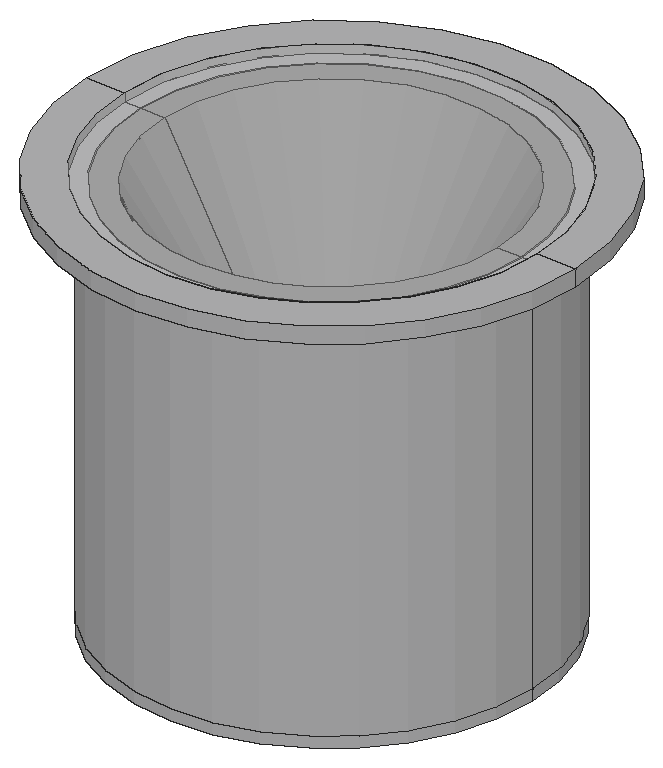
Revit family "2050663 Lighting Fixture_Sylvania_Myriad V LED_Ceiling Recessed", category Lighting Fixtures, host Face, Revit 2015
Parameters (values of type "MYRIAD SS HOUS 4000K ELEC")
  Weight = 0.37 kg  # constant formula
  Wattage = 20.5243 W
  built-in parameter 1150110 = 1 (stored number, unit not read)
  Voltage Comments = "UNV (Universal Voltage; 220-240 Volt)"  # constant formula
  Voltage = 240 V  # constant formula
  URL = ""
  built-in parameter 1114217 = 1 (stored number, unit not read)
  Tilt Angle = -90.00°  # constant formula
  built-in parameter 1150109 = 1 (stored number, unit not read)
  built-in parameter 1150134 = 12
  built-in parameter 1150113 = 1 (stored number, unit not read)
  Reflector Material = Steel_Sylvania_Myrad V LED_Chrome
  Recessed Depth = Height  # 72.0 mm
  Photometric Web File = "2050663_MYRIADVLED16W4KElectronic-89537.ies"
  Product Page URL = ""
  Product Family = "MYRIAD V LED - HOUSING ONLY"  # constant formula
  Photometry Comments = ""
  built-in parameter 1150105 = 1691.5 (stored number, unit not read)
  Lumens = 1057 lm
  built-in parameter 1150115 = 1 (stored number, unit not read)
  built-in parameter 1150137 = (empty or 0)
  built-in parameter 1150139 = (empty or 0)
  Life = "50 000"  # constant formula
  built-in parameter 1150112 = 1 (stored number, unit not read)
  built-in parameter 1150114 = 1 (stored number, unit not read)
  Lamp Comments = "15W Citizen Citiled neutral 4000K"
  LOR = "100%"  # constant formula
  Inner Radius = Cutout Radius - 2.0 mm  # 35.5 mm
  built-in parameter 1150132 = 2
  built-in parameter 1150102 = (empty or 0)
  built-in parameter 1150107 = 4000 (stored number, unit not read)
  built-in parameter 1150138 = (empty or 0)
  built-in parameter 1150106 = 16.915 (stored number, unit not read)
  Emit from Circle Diameter = Diffuser Diameter  # 77.0 mm
  Emit Shape Visible in Rendering = no
  built-in parameter 1150104 = 4.7845 (stored number, unit not read)
  Dimming Lamp Color Temperature Shift = <None>
  Diffuser Diameter = Cutout Diameter + 2.0 mm  # 77.0 mm
  Cutout Radius = Cutout Diameter / 2  # 37.5 mm
  Cutout Diameter = 75.0 mm
  Color Filter = 16777215
  Body Material = Aluminum_Sylvania_Myrad V LED_Silver
  Beam Angle = 30.00°  # constant formula
  built-in parameter 1114218 = 1 (stored number, unit not read)
  built-in parameter 1150133 = 10 (stored number, unit not read)
  IP Rating = "IP20/44(with accessories)"  # constant formula
  Height = 72.0 mm
  Electrical Protection = "CLASS II"  # constant formula
  built-in parameter 1114216 [instance] = 1 (stored number, unit not read)
  Model = "2050663 MYRIAD SS HOUS 4000K ELEC"
  Manufacturer = "Feilo-Sylvania Group"
  Lamp = "Integrated LED"
  Diffuser Material = Polycarbonate_Sylvania_Myrad V LED_Clear
  Description = "New high output high efficiency LED downlight modules. IR/UV free light source without heat radiation. Energy efficient light source with far superior luminous flux per watt than existing Low Voltage Halogen. Long life up to 50K hours, fit and forget maintenance free lighting solution. Dimmable options including DALI as standard. IP44 & IP65 versions as standard options. New range of Architectural accessories each providing a different lit dimension. Choice of colour temperatures warm 3000K and neutral 4000K. Luminaires supplied complete with LED drivers. Emergency versions passes through cut out. New completely flush plaster up accessory ring for clean ceiling lines and smooth finish. Total circuit power I5W"  # constant formula
  Default Elevation = 0.0 mm
  built-in parameter 1140040 [instance] = 1
  Assembly Code = "D5020200"
  Apparent Load Comments = ""
  Apparent Load = 15 VA
Reference planes
  plane 1 "Center (Front/Back)": y = 0
  plane 2: z = 0
  plane 3 "Center (Left/Right)": x = 0
  plane 4 "Fixture Bottom": z = 3
  plane 5 "Diffuser": z = 1.454
  plane 6 "Fixture Top": z = -72
  plane 7 "Housing Thickness": z = -70
  plane 8 "Reflector Top": z = -33.546
Forms (mm)
  Extrusion 1, void
    sketch origin (0, 0, 58) x (-1, 0, 0) y (0, -1, 0)
      loop
        circle (0, 0) r 37.5
    from -130 to -55
  Revolve 2, solid, material "Aluminum_Sylvania_Myrad V LED_Silver" <- "Body Material", detail levels fine
    sketch origin (0, 0, 0) x (1, 0, 0) y (0, 0, 1)
      loop
        line (-45.521, 3) -> (-45.521, 0) -> (-37.5, 0) -> (-37.5, -70) -> (-35.537, -70) -> (-35.537, 1.454) -> (-38.5, 1.454) -> (-38.5, 3) -> (-45.521, 3)
      axis (0, 3) -> (0, -70)
    angle from 0 to 360
  Extrusion 3, solid, material "Aluminum_Sylvania_Myrad V LED_Silver" <- "Body Material", detail levels fine
    sketch origin (0, 0, 58) x (-1, 0, 0) y (0, -1, 0)
      loop
        circle (0, 0) r 37.5
    from -130 to -128
  Revolve 4, solid, material "Steel_Sylvania_Myrad V LED_Chrome" <- "Reflector Material", detail levels fine
    sketch origin (0, 0, 0) x (1, 0, 0) y (0, 0, 1)
      loop
        line (-35.5, -33.546) -> (0, -33.546) -> (0, -31.083) -> (-12.169, -31.083) -> (-31, 1.454) -> (-35.5, 1.454) -> (-35.5, -33.546)
      axis (0, 1.454) -> (0, -33.546)
    angle from 0 to 360
  Extrusion 5, solid, material "Polycarbonate_Sylvania_Myrad V LED_Clear" <- "Diffuser Material", detail levels fine
    sketch origin (0, 0, 58) x (-1, 0, 0) y (0, -1, 0)
      loop
        circle (0, 0) r 38.5
    from -56.546 to -55
  Revolve 6, solid, material "Aluminum_Sylvania_Myrad V LED_Silver" <- "Body Material", detail levels coarse+medium
    sketch origin (0, 0, 0) x (1, 0, 0) y (0, 0, 1)
      loop
        line (-45.521, 3) -> (-45.521, 0) -> (-37.5, 0) -> (-37.5, -72) -> (0, -72) -> (0, 3) -> (-45.521, 3)
      axis (0, 3) -> (0, -72)
    angle from 0 to 360
Cuts and joins
  joined: Revolve 2, Extrusion 3
Dimensions and locks
  locked: plane 4 "Fixture Bottom" to plane 2 at 3
  locked: plane 5 "Diffuser" to plane 2 at 1.454
  "Height": plane 2 to plane 6 "Fixture Top"
  plane 7 "Housing Thickness" to plane 6 "Fixture Top" = 2.0 mm
  "Cutout Radius": plane 3 "Center (Left/Right)" to Revolve 2 sketch curve
  locked: Revolve 2 sketch curve to Revolve 2 sketch curve at 1.963
  locked: Revolve 2 sketch curve to Revolve 2 sketch curve at 8.021
  locked: Revolve 4 sketch curve to Revolve 4 sketch curve at 2.463
  locked: Revolve 2 sketch curve to Revolve 2 sketch curve at 1
  "Inner Radius": plane 3 "Center (Left/Right)" to Revolve 4 sketch curve
  locked: Revolve 4 sketch curve to Revolve 4 sketch curve at 4.5
  locked: Revolve 4 sketch curve to Revolve 4 sketch curve at 23.331
  locked: plane 5 "Diffuser" to plane 8 "Reflector Top" at 35
  locked: Revolve 6 sketch curve to Revolve 6 sketch curve at 8.021
  "Cutout Radius": Revolve 6 sketch curve to imposter light
  "Cutout Diameter": diameter of Extrusion 1 sketch curve
  "Cutout Diameter": diameter of Extrusion 3 sketch curve
  "Diffuser Diameter": diameter of Extrusion 5 sketch curve
  aligned and locked: host face to plane 2
  aligned and locked: level to host face
  aligned and locked: Revolve 2 sketch curve to plane 4 "Fixture Bottom"
  aligned and locked: Revolve 2 sketch curve to plane 5 "Diffuser"
  aligned and locked: Revolve 2 sketch curve to plane 2
  aligned and locked: Revolve 2 sketch curve to plane 3 "Center (Left/Right)"
  aligned and locked: plane 7 "Housing Thickness" to Extrusion 3
  aligned and locked: Extrusion 3 to plane 6 "Fixture Top"
  aligned and locked: Revolve 2 sketch curve to plane 7 "Housing Thickness"
  aligned and locked: Revolve 4 sketch curve to plane 5 "Diffuser"
  aligned and locked: Revolve 4 sketch curve to plane 3 "Center (Left/Right)"  (x2)
  aligned and locked: Extrusion 5 to plane 5 "Diffuser"
  aligned and locked: plane 4 "Fixture Bottom" to Extrusion 5
  aligned and locked: Revolve 4 sketch curve to plane 8 "Reflector Top"
  aligned and locked: imposter light to plane 3 "Center (Left/Right)"
  aligned and locked: imposter light to plane 4 "Fixture Bottom"
  aligned and locked: imposter light to plane 1 "Center (Front/Back)"
  aligned and locked: Revolve 6 sketch curve to plane 6 "Fixture Top"
  aligned and locked: Revolve 6 sketch curve to imposter light  (x2)
  aligned and locked: Revolve 6 sketch curve to plane 2
  aligned and locked: imposter light to Extrusion 1
  aligned and locked: Extrusion 1 to plane 6 "Fixture Top"
Automatic sketch dimensions
  host sketch curve to host sketch curve = 345.0 mm
  host sketch curve to host sketch curve = 280.0 mm
  plane 1 "Center (Front/Back)" to Extrusion 1 sketch curve = 0.0 mm
  Extrusion 1 sketch curve to plane 3 "Center (Left/Right)" = 0.0 mm
  plane 8 "Reflector Top" to Revolve 2 sketch curve = 16.453 mm
  plane 4 "Fixture Bottom" to Revolve 2 sketch curve = 14.907 mm
  plane 1 "Center (Front/Back)" to Extrusion 3 sketch curve = 0.0 mm
  Extrusion 3 sketch curve to plane 3 "Center (Left/Right)" = 0.0 mm
  plane 4 "Fixture Bottom" to Revolve 4 sketch curve = 9.307 mm
  Revolve 4 sketch curve to Revolve 4 sketch curve = 25.0 mm
  plane 1 "Center (Front/Back)" to Extrusion 5 sketch curve = 0.0 mm
  Extrusion 5 sketch curve to plane 3 "Center (Left/Right)" = 0.0 mm
  Revolve 6 sketch curve to plane 3 "Center (Left/Right)" = 0.0 mm
  plane 8 "Reflector Top" to Revolve 6 sketch curve = 16.453 mm
  Revolve 6 sketch curve to Revolve 6 sketch curve = 14.907 mm
Connectors
  electrical at (0, 0, -72), driven by "Voltage", driven by "Apparent Load"
    settings: on cut or joined group of Revolve 2, Extrusion 3, index 1, voltage 240 V, apparent load 0 VA, apparent load phase1 15 VA, apparent load phase2 0 VA, apparent load phase3 0 VA, power factor 1, load classification "Lighting", number of poles 1, system type 31, power factor state 1, is connector primary yes, connector utility no, sub classification motor no, connector description ""
